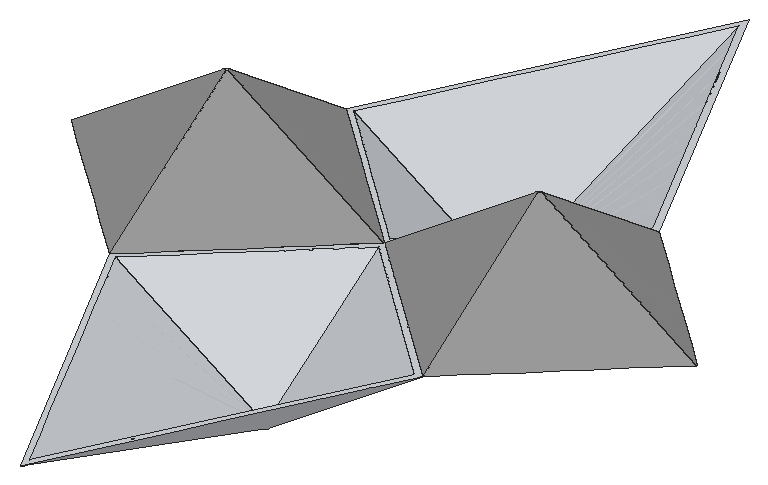
Revit family "CLD-FCT-016_KITE_RTV", category Modelos genéricos, Revit 2022 (continued)
Definition of nested family "CLD-FCT-016_KITE_1_RTV"
  Forms (in)
    Extrusion 274, solid, not visible
      sketch origin (0, 0, 0) x (1, 0, 0) y (0, 0, 1)
        loop
          line (0.96881, 0.64538) -> (0.96881, -2.35462) -> (3.48948, -2.35462) -> (3.48948, -0.60462) -> (4.19814, -0.60462) -> (4.19814, -2.35462) -> (9.23948, -2.35462) -> (9.23948, -0.60462) -> (9.94814, -0.60462) -> (9.94814, -2.35462) -> (14.98948, -2.35462) -> (14.98948, -0.60462) -> (15.69814, -0.60462) -> (15.69814, -2.35462) -> (20.73948, -2.35462) -> (20.73948, -0.60462) -> (21.44814, -0.60462) -> (21.44814, -2.35462) -> (23.96881, -2.35462) -> (23.96881, 0.64538) -> (24.28131, 0.64538) -> (24.28131, 1.14538) -> (0.65631, 1.14538) -> (0.65631, 0.64538) -> (0.96881, 0.64538)
      from -21.44963 to -21.33152
    Extrusion 275, solid, not visible
      sketch origin (0, 0, 0) x (1, 0, 0) y (0, 0, 1)
        loop
          line (0.96881, 0.64538) -> (0.96881, -2.35462) -> (3.48948, -2.35462) -> (3.48948, -0.60462) -> (4.19814, -0.60462) -> (4.19814, -2.35462) -> (9.23948, -2.35462) -> (9.23948, -0.60462) -> (9.94814, -0.60462) -> (9.94814, -2.35462) -> (14.98948, -2.35462) -> (14.98948, -0.60462) -> (15.69814, -0.60462) -> (15.69814, -2.35462) -> (20.73948, -2.35462) -> (20.73948, -0.60462) -> (21.44814, -0.60462) -> (21.44814, -2.35462) -> (23.96881, -2.35462) -> (23.96881, 0.64538) -> (24.28131, 0.64538) -> (24.28131, 1.14538) -> (0.65631, 1.14538) -> (0.65631, 0.64538) -> (0.96881, 0.64538)
      from -20.85908 to -20.74097
    Extrusion 276, solid, not visible
      sketch origin (0, 0, 0) x (1, 0, 0) y (0, 0, 1)
        loop
          line (0.96881, 0.64538) -> (0.96881, -2.35462) -> (3.48948, -2.35462) -> (3.48948, -0.60462) -> (4.19814, -0.60462) -> (4.19814, -2.35462) -> (9.23948, -2.35462) -> (9.23948, -0.60462) -> (9.94814, -0.60462) -> (9.94814, -2.35462) -> (14.98948, -2.35462) -> (14.98948, -0.60462) -> (15.69814, -0.60462) -> (15.69814, -2.35462) -> (20.73948, -2.35462) -> (20.73948, -0.60462) -> (21.44814, -0.60462) -> (21.44814, -2.35462) -> (23.96881, -2.35462) -> (23.96881, 0.64538) -> (24.28131, 0.64538) -> (24.28131, 1.14538) -> (0.65631, 1.14538) -> (0.65631, 0.64538) -> (0.96881, 0.64538)
      from -21.33152 to -20.85908
    Extrusion 277, solid, not visible
      sketch origin (5.74851, 0.00149, -1.20924) x (0, 1, 0) y (0, 0, -1)
        loop
          line (0.96881, 1.14538) -> (0.96881, -1.85462) -> (0.65631, -1.85462) -> (0.65631, -2.35462) -> (0.96881, -2.35462) -> (3.48948, -2.35462) -> (3.48948, -0.60462) -> (4.19814, -0.60462) -> (4.19814, -2.35462) -> (9.23948, -2.35462) -> (9.23948, -0.60462) -> (9.94814, -0.60462) -> (9.94814, -2.35462) -> (14.98948, -2.35462) -> (14.98948, -0.60462) -> (15.69814, -0.60462) -> (15.69814, -2.35462) -> (20.73948, -2.35462) -> (20.73948, -0.60462) -> (21.44814, -0.60462) -> (21.44814, -2.35462) -> (24.28131, -2.35462) -> (24.28131, -1.85462) -> (23.96881, -1.85462) -> (23.96881, 1.14538) -> (0.96881, 1.14538)
      from -4.19963 to -4.08152
    Extrusion 278, solid, not visible
      sketch origin (5.15796, 0.00149, -1.20924) x (0, 1, 0) y (0, 0, -1)
        loop
          line (0.96881, 1.14538) -> (0.96881, -1.85462) -> (0.65631, -1.85462) -> (0.65631, -2.35462) -> (0.96881, -2.35462) -> (3.48948, -2.35462) -> (3.48948, -0.60462) -> (4.19814, -0.60462) -> (4.19814, -2.35462) -> (9.23948, -2.35462) -> (9.23948, -0.60462) -> (9.94814, -0.60462) -> (9.94814, -2.35462) -> (14.98948, -2.35462) -> (14.98948, -0.60462) -> (15.69814, -0.60462) -> (15.69814, -2.35462) -> (20.73948, -2.35462) -> (20.73948, -0.60462) -> (21.44814, -0.60462) -> (21.44814, -2.35462) -> (24.28131, -2.35462) -> (24.28131, -1.85462) -> (23.96881, -1.85462) -> (23.96881, 1.14538) -> (0.96881, 1.14538)
      from -4.19963 to -4.08152
    Extrusion 279, solid, not visible
      sketch origin (11.49851, 0.00149, -1.20924) x (0, 1, 0) y (0, 0, -1)
        loop
          line (0.96881, 1.14538) -> (0.96881, -1.85462) -> (0.65631, -1.85462) -> (0.65631, -2.35462) -> (0.96881, -2.35462) -> (3.48948, -2.35462) -> (3.48948, -0.60462) -> (4.19814, -0.60462) -> (4.19814, -2.35462) -> (9.23948, -2.35462) -> (9.23948, -0.60462) -> (9.94814, -0.60462) -> (9.94814, -2.35462) -> (14.98948, -2.35462) -> (14.98948, -0.60462) -> (15.69814, -0.60462) -> (15.69814, -2.35462) -> (20.73948, -2.35462) -> (20.73948, -0.60462) -> (21.44814, -0.60462) -> (21.44814, -2.35462) -> (24.28131, -2.35462) -> (24.28131, -1.85462) -> (23.96881, -1.85462) -> (23.96881, 1.14538) -> (0.96881, 1.14538)
      from -4.19963 to -4.08152
    Extrusion 280, solid, not visible
      sketch origin (10.90796, 0.00149, -1.20924) x (0, 1, 0) y (0, 0, -1)
        loop
          line (0.96881, 1.14538) -> (0.96881, -1.85462) -> (0.65631, -1.85462) -> (0.65631, -2.35462) -> (0.96881, -2.35462) -> (3.48948, -2.35462) -> (3.48948, -0.60462) -> (4.19814, -0.60462) -> (4.19814, -2.35462) -> (9.23948, -2.35462) -> (9.23948, -0.60462) -> (9.94814, -0.60462) -> (9.94814, -2.35462) -> (14.98948, -2.35462) -> (14.98948, -0.60462) -> (15.69814, -0.60462) -> (15.69814, -2.35462) -> (20.73948, -2.35462) -> (20.73948, -0.60462) -> (21.44814, -0.60462) -> (21.44814, -2.35462) -> (24.28131, -2.35462) -> (24.28131, -1.85462) -> (23.96881, -1.85462) -> (23.96881, 1.14538) -> (0.96881, 1.14538)
      from -4.19963 to -4.08152
    Extrusion 281, solid, not visible
      sketch origin (16.65796, 0.00149, -1.20924) x (0, 1, 0) y (0, 0, -1)
        loop
          line (0.96881, 1.14538) -> (0.96881, -1.85462) -> (0.65631, -1.85462) -> (0.65631, -2.35462) -> (0.96881, -2.35462) -> (3.48948, -2.35462) -> (3.48948, -0.60462) -> (4.19814, -0.60462) -> (4.19814, -2.35462) -> (9.23948, -2.35462) -> (9.23948, -0.60462) -> (9.94814, -0.60462) -> (9.94814, -2.35462) -> (14.98948, -2.35462) -> (14.98948, -0.60462) -> (15.69814, -0.60462) -> (15.69814, -2.35462) -> (20.73948, -2.35462) -> (20.73948, -0.60462) -> (21.44814, -0.60462) -> (21.44814, -2.35462) -> (24.28131, -2.35462) -> (24.28131, -1.85462) -> (23.96881, -1.85462) -> (23.96881, 1.14538) -> (0.96881, 1.14538)
      from -4.19963 to -4.08152
    Extrusion 282, solid, not visible
      sketch origin (17.24851, 0.00149, -1.20924) x (0, 1, 0) y (0, 0, -1)
        loop
          line (0.96881, 1.14538) -> (0.96881, -1.85462) -> (0.65631, -1.85462) -> (0.65631, -2.35462) -> (0.96881, -2.35462) -> (3.48948, -2.35462) -> (3.48948, -0.60462) -> (4.19814, -0.60462) -> (4.19814, -2.35462) -> (9.23948, -2.35462) -> (9.23948, -0.60462) -> (9.94814, -0.60462) -> (9.94814, -2.35462) -> (14.98948, -2.35462) -> (14.98948, -0.60462) -> (15.69814, -0.60462) -> (15.69814, -2.35462) -> (20.73948, -2.35462) -> (20.73948, -0.60462) -> (21.44814, -0.60462) -> (21.44814, -2.35462) -> (24.28131, -2.35462) -> (24.28131, -1.85462) -> (23.96881, -1.85462) -> (23.96881, 1.14538) -> (0.96881, 1.14538)
      from -4.19963 to -4.08152
    Extrusion 283, solid, not visible
      sketch origin (5.86662, 0.00149, -1.20924) x (0, 1, 0) y (0, 0, -1)
        loop
          line (0.96881, 1.14538) -> (0.96881, -1.85462) -> (0.65631, -1.85462) -> (0.65631, -2.35462) -> (0.96881, -2.35462) -> (3.48948, -2.35462) -> (3.48948, -0.60462) -> (4.19814, -0.60462) -> (4.19814, -2.35462) -> (9.23948, -2.35462) -> (9.23948, -0.60462) -> (9.94814, -0.60462) -> (9.94814, -2.35462) -> (14.98948, -2.35462) -> (14.98948, -0.60462) -> (15.69814, -0.60462) -> (15.69814, -2.35462) -> (20.73948, -2.35462) -> (20.73948, -0.60462) -> (21.44814, -0.60462) -> (21.44814, -2.35462) -> (24.28131, -2.35462) -> (24.28131, -1.85462) -> (23.96881, -1.85462) -> (23.96881, 1.14538) -> (0.96881, 1.14538)
      from -3.96341 to -3.49097
    Extrusion 284, solid, not visible
      sketch origin (11.61662, 0.00149, -1.20924) x (0, 1, 0) y (0, 0, -1)
        loop
          line (0.96881, 1.14538) -> (0.96881, -1.85462) -> (0.65631, -1.85462) -> (0.65631, -2.35462) -> (0.96881, -2.35462) -> (3.48948, -2.35462) -> (3.48948, -0.60462) -> (4.19814, -0.60462) -> (4.19814, -2.35462) -> (9.23948, -2.35462) -> (9.23948, -0.60462) -> (9.94814, -0.60462) -> (9.94814, -2.35462) -> (14.98948, -2.35462) -> (14.98948, -0.60462) -> (15.69814, -0.60462) -> (15.69814, -2.35462) -> (20.73948, -2.35462) -> (20.73948, -0.60462) -> (21.44814, -0.60462) -> (21.44814, -2.35462) -> (24.28131, -2.35462) -> (24.28131, -1.85462) -> (23.96881, -1.85462) -> (23.96881, 1.14538) -> (0.96881, 1.14538)
      from -3.96341 to -3.49097
    Extrusion 285, solid, not visible
      sketch origin (17.36662, 0.00149, -1.20924) x (0, 1, 0) y (0, 0, -1)
        loop
          line (0.96881, 1.14538) -> (0.96881, -1.85462) -> (0.65631, -1.85462) -> (0.65631, -2.35462) -> (0.96881, -2.35462) -> (3.48948, -2.35462) -> (3.48948, -0.60462) -> (4.19814, -0.60462) -> (4.19814, -2.35462) -> (9.23948, -2.35462) -> (9.23948, -0.60462) -> (9.94814, -0.60462) -> (9.94814, -2.35462) -> (14.98948, -2.35462) -> (14.98948, -0.60462) -> (15.69814, -0.60462) -> (15.69814, -2.35462) -> (20.73948, -2.35462) -> (20.73948, -0.60462) -> (21.44814, -0.60462) -> (21.44814, -2.35462) -> (24.28131, -2.35462) -> (24.28131, -1.85462) -> (23.96881, -1.85462) -> (23.96881, 1.14538) -> (0.96881, 1.14538)
      from -3.96341 to -3.49097
    Extrusion 286, solid, not visible
      sketch origin (-44, 0, 0) x (1, 0, 0) y (0, 0, 1)
        loop
          line (0.96881, 0.64538) -> (0.96881, -2.35462) -> (3.48948, -2.35462) -> (3.48948, -0.60462) -> (4.19814, -0.60462) -> (4.19814, -2.35462) -> (9.23948, -2.35462) -> (9.23948, -0.60462) -> (9.94814, -0.60462) -> (9.94814, -2.35462) -> (14.98948, -2.35462) -> (14.98948, -0.60462) -> (15.69814, -0.60462) -> (15.69814, -2.35462) -> (20.73948, -2.35462) -> (20.73948, -0.60462) -> (21.44814, -0.60462) -> (21.44814, -2.35462) -> (23.96881, -2.35462) -> (23.96881, 0.64538) -> (24.28131, 0.64538) -> (24.28131, 1.14538) -> (0.65631, 1.14538) -> (0.65631, 0.64538) -> (0.96881, 0.64538)
      from -3.60908 to -3.49097
    Extrusion 287, solid, not visible
      sketch origin (-44, 0, 0) x (1, 0, 0) y (0, 0, 1)
        loop
          line (0.96881, 0.64538) -> (0.96881, -2.35462) -> (3.48948, -2.35462) -> (3.48948, -0.60462) -> (4.19814, -0.60462) -> (4.19814, -2.35462) -> (9.23948, -2.35462) -> (9.23948, -0.60462) -> (9.94814, -0.60462) -> (9.94814, -2.35462) -> (14.98948, -2.35462) -> (14.98948, -0.60462) -> (15.69814, -0.60462) -> (15.69814, -2.35462) -> (20.73948, -2.35462) -> (20.73948, -0.60462) -> (21.44814, -0.60462) -> (21.44814, -2.35462) -> (23.96881, -2.35462) -> (23.96881, 0.64538) -> (24.28131, 0.64538) -> (24.28131, 1.14538) -> (0.65631, 1.14538) -> (0.65631, 0.64538) -> (0.96881, 0.64538)
      from -4.08152 to -3.60908
    Extrusion 288, solid, not visible
      sketch origin (-44, 0, 0) x (1, 0, 0) y (0, 0, 1)
        loop
          line (0.96881, 0.64538) -> (0.96881, -2.35462) -> (3.48948, -2.35462) -> (3.48948, -0.60462) -> (4.19814, -0.60462) -> (4.19814, -2.35462) -> (9.23948, -2.35462) -> (9.23948, -0.60462) -> (9.94814, -0.60462) -> (9.94814, -2.35462) -> (14.98948, -2.35462) -> (14.98948, -0.60462) -> (15.69814, -0.60462) -> (15.69814, -2.35462) -> (20.73948, -2.35462) -> (20.73948, -0.60462) -> (21.44814, -0.60462) -> (21.44814, -2.35462) -> (23.96881, -2.35462) -> (23.96881, 0.64538) -> (24.28131, 0.64538) -> (24.28131, 1.14538) -> (0.65631, 1.14538) -> (0.65631, 0.64538) -> (0.96881, 0.64538)
      from -4.19963 to -4.08152
    Extrusion 289, solid, not visible
      sketch origin (-44, 0, 0) x (1, 0, 0) y (0, 0, 1)
        loop
          line (0.96881, 0.64538) -> (0.96881, -2.35462) -> (3.48948, -2.35462) -> (3.48948, -0.60462) -> (4.19814, -0.60462) -> (4.19814, -2.35462) -> (9.23948, -2.35462) -> (9.23948, -0.60462) -> (9.94814, -0.60462) -> (9.94814, -2.35462) -> (14.98948, -2.35462) -> (14.98948, -0.60462) -> (15.69814, -0.60462) -> (15.69814, -2.35462) -> (20.73948, -2.35462) -> (20.73948, -0.60462) -> (21.44814, -0.60462) -> (21.44814, -2.35462) -> (23.96881, -2.35462) -> (23.96881, 0.64538) -> (24.28131, 0.64538) -> (24.28131, 1.14538) -> (0.65631, 1.14538) -> (0.65631, 0.64538) -> (0.96881, 0.64538)
      from -9.94963 to -9.83152
    Extrusion 290, solid, not visible
      sketch origin (-44, 0, 0) x (1, 0, 0) y (0, 0, 1)
        loop
          line (0.96881, 0.64538) -> (0.96881, -2.35462) -> (3.48948, -2.35462) -> (3.48948, -0.60462) -> (4.19814, -0.60462) -> (4.19814, -2.35462) -> (9.23948, -2.35462) -> (9.23948, -0.60462) -> (9.94814, -0.60462) -> (9.94814, -2.35462) -> (14.98948, -2.35462) -> (14.98948, -0.60462) -> (15.69814, -0.60462) -> (15.69814, -2.35462) -> (20.73948, -2.35462) -> (20.73948, -0.60462) -> (21.44814, -0.60462) -> (21.44814, -2.35462) -> (23.96881, -2.35462) -> (23.96881, 0.64538) -> (24.28131, 0.64538) -> (24.28131, 1.14538) -> (0.65631, 1.14538) -> (0.65631, 0.64538) -> (0.96881, 0.64538)
      from -9.35908 to -9.24097
    Extrusion 291, solid, not visible
      sketch origin (-44, 0, 0) x (1, 0, 0) y (0, 0, 1)
        loop
          line (0.96881, 0.64538) -> (0.96881, -2.35462) -> (3.48948, -2.35462) -> (3.48948, -0.60462) -> (4.19814, -0.60462) -> (4.19814, -2.35462) -> (9.23948, -2.35462) -> (9.23948, -0.60462) -> (9.94814, -0.60462) -> (9.94814, -2.35462) -> (14.98948, -2.35462) -> (14.98948, -0.60462) -> (15.69814, -0.60462) -> (15.69814, -2.35462) -> (20.73948, -2.35462) -> (20.73948, -0.60462) -> (21.44814, -0.60462) -> (21.44814, -2.35462) -> (23.96881, -2.35462) -> (23.96881, 0.64538) -> (24.28131, 0.64538) -> (24.28131, 1.14538) -> (0.65631, 1.14538) -> (0.65631, 0.64538) -> (0.96881, 0.64538)
      from -9.83152 to -9.35908
    Extrusion 292, solid, not visible
      sketch origin (-44, 0, 0) x (1, 0, 0) y (0, 0, 1)
        loop
          line (0.96881, 0.64538) -> (0.96881, -2.35462) -> (3.48948, -2.35462) -> (3.48948, -0.60462) -> (4.19814, -0.60462) -> (4.19814, -2.35462) -> (9.23948, -2.35462) -> (9.23948, -0.60462) -> (9.94814, -0.60462) -> (9.94814, -2.35462) -> (14.98948, -2.35462) -> (14.98948, -0.60462) -> (15.69814, -0.60462) -> (15.69814, -2.35462) -> (20.73948, -2.35462) -> (20.73948, -0.60462) -> (21.44814, -0.60462) -> (21.44814, -2.35462) -> (23.96881, -2.35462) -> (23.96881, 0.64538) -> (24.28131, 0.64538) -> (24.28131, 1.14538) -> (0.65631, 1.14538) -> (0.65631, 0.64538) -> (0.96881, 0.64538)
      from -15.69963 to -15.58152
    Extrusion 293, solid, not visible
      sketch origin (-44, 0, 0) x (1, 0, 0) y (0, 0, 1)
        loop
          line (0.96881, 0.64538) -> (0.96881, -2.35462) -> (3.48948, -2.35462) -> (3.48948, -0.60462) -> (4.19814, -0.60462) -> (4.19814, -2.35462) -> (9.23948, -2.35462) -> (9.23948, -0.60462) -> (9.94814, -0.60462) -> (9.94814, -2.35462) -> (14.98948, -2.35462) -> (14.98948, -0.60462) -> (15.69814, -0.60462) -> (15.69814, -2.35462) -> (20.73948, -2.35462) -> (20.73948, -0.60462) -> (21.44814, -0.60462) -> (21.44814, -2.35462) -> (23.96881, -2.35462) -> (23.96881, 0.64538) -> (24.28131, 0.64538) -> (24.28131, 1.14538) -> (0.65631, 1.14538) -> (0.65631, 0.64538) -> (0.96881, 0.64538)
      from -15.10908 to -14.99097
    Extrusion 294, solid, not visible
      sketch origin (-44, 0, 0) x (1, 0, 0) y (0, 0, 1)
        loop
          line (0.96881, 0.64538) -> (0.96881, -2.35462) -> (3.48948, -2.35462) -> (3.48948, -0.60462) -> (4.19814, -0.60462) -> (4.19814, -2.35462) -> (9.23948, -2.35462) -> (9.23948, -0.60462) -> (9.94814, -0.60462) -> (9.94814, -2.35462) -> (14.98948, -2.35462) -> (14.98948, -0.60462) -> (15.69814, -0.60462) -> (15.69814, -2.35462) -> (20.73948, -2.35462) -> (20.73948, -0.60462) -> (21.44814, -0.60462) -> (21.44814, -2.35462) -> (23.96881, -2.35462) -> (23.96881, 0.64538) -> (24.28131, 0.64538) -> (24.28131, 1.14538) -> (0.65631, 1.14538) -> (0.65631, 0.64538) -> (0.96881, 0.64538)
      from -15.58152 to -15.10908
    Extrusion 295, solid, not visible
      sketch origin (-44, 0, 0) x (1, 0, 0) y (0, 0, 1)
        loop
          line (0.96881, 0.64538) -> (0.96881, -2.35462) -> (3.48948, -2.35462) -> (3.48948, -0.60462) -> (4.19814, -0.60462) -> (4.19814, -2.35462) -> (9.23948, -2.35462) -> (9.23948, -0.60462) -> (9.94814, -0.60462) -> (9.94814, -2.35462) -> (14.98948, -2.35462) -> (14.98948, -0.60462) -> (15.69814, -0.60462) -> (15.69814, -2.35462) -> (20.73948, -2.35462) -> (20.73948, -0.60462) -> (21.44814, -0.60462) -> (21.44814, -2.35462) -> (23.96881, -2.35462) -> (23.96881, 0.64538) -> (24.28131, 0.64538) -> (24.28131, 1.14538) -> (0.65631, 1.14538) -> (0.65631, 0.64538) -> (0.96881, 0.64538)
      from -21.44963 to -21.33152
    Extrusion 296, solid, not visible
      sketch origin (-44, 0, 0) x (1, 0, 0) y (0, 0, 1)
        loop
          line (0.96881, 0.64538) -> (0.96881, -2.35462) -> (3.48948, -2.35462) -> (3.48948, -0.60462) -> (4.19814, -0.60462) -> (4.19814, -2.35462) -> (9.23948, -2.35462) -> (9.23948, -0.60462) -> (9.94814, -0.60462) -> (9.94814, -2.35462) -> (14.98948, -2.35462) -> (14.98948, -0.60462) -> (15.69814, -0.60462) -> (15.69814, -2.35462) -> (20.73948, -2.35462) -> (20.73948, -0.60462) -> (21.44814, -0.60462) -> (21.44814, -2.35462) -> (23.96881, -2.35462) -> (23.96881, 0.64538) -> (24.28131, 0.64538) -> (24.28131, 1.14538) -> (0.65631, 1.14538) -> (0.65631, 0.64538) -> (0.96881, 0.64538)
      from -20.85908 to -20.74097
    Extrusion 297, solid, not visible
      sketch origin (-44, 0, 0) x (1, 0, 0) y (0, 0, 1)
        loop
          line (0.96881, 0.64538) -> (0.96881, -2.35462) -> (3.48948, -2.35462) -> (3.48948, -0.60462) -> (4.19814, -0.60462) -> (4.19814, -2.35462) -> (9.23948, -2.35462) -> (9.23948, -0.60462) -> (9.94814, -0.60462) -> (9.94814, -2.35462) -> (14.98948, -2.35462) -> (14.98948, -0.60462) -> (15.69814, -0.60462) -> (15.69814, -2.35462) -> (20.73948, -2.35462) -> (20.73948, -0.60462) -> (21.44814, -0.60462) -> (21.44814, -2.35462) -> (23.96881, -2.35462) -> (23.96881, 0.64538) -> (24.28131, 0.64538) -> (24.28131, 1.14538) -> (0.65631, 1.14538) -> (0.65631, 0.64538) -> (0.96881, 0.64538)
      from -21.33152 to -20.85908
    Extrusion 298, solid, not visible
      sketch origin (-44.00149, 0.00149, -1.20924) x (0, 1, 0) y (0, 0, -1)
        loop
          line (0.96881, 1.14538) -> (0.96881, -1.85462) -> (0.65631, -1.85462) -> (0.65631, -2.35462) -> (0.96881, -2.35462) -> (3.48948, -2.35462) -> (3.48948, -0.60462) -> (4.19814, -0.60462) -> (4.19814, -2.35462) -> (9.23948, -2.35462) -> (9.23948, -0.60462) -> (9.94814, -0.60462) -> (9.94814, -2.35462) -> (14.98948, -2.35462) -> (14.98948, -0.60462) -> (15.69814, -0.60462) -> (15.69814, -2.35462) -> (20.73948, -2.35462) -> (20.73948, -0.60462) -> (21.44814, -0.60462) -> (21.44814, -2.35462) -> (24.28131, -2.35462) -> (24.28131, -1.85462) -> (23.96881, -1.85462) -> (23.96881, 1.14538) -> (0.96881, 1.14538)
      from -3.60908 to -3.49097
    Extrusion 299, solid, not visible
      sketch origin (-43.88338, 0.00149, -1.20924) x (0, 1, 0) y (0, 0, -1)
        loop
          line (0.96881, 1.14538) -> (0.96881, -1.85462) -> (0.65631, -1.85462) -> (0.65631, -2.35462) -> (0.96881, -2.35462) -> (3.48948, -2.35462) -> (3.48948, -0.60462) -> (4.19814, -0.60462) -> (4.19814, -2.35462) -> (9.23948, -2.35462) -> (9.23948, -0.60462) -> (9.94814, -0.60462) -> (9.94814, -2.35462) -> (14.98948, -2.35462) -> (14.98948, -0.60462) -> (15.69814, -0.60462) -> (15.69814, -2.35462) -> (20.73948, -2.35462) -> (20.73948, -0.60462) -> (21.44814, -0.60462) -> (21.44814, -2.35462) -> (24.28131, -2.35462) -> (24.28131, -1.85462) -> (23.96881, -1.85462) -> (23.96881, 1.14538) -> (0.96881, 1.14538)
      from -3.96341 to -3.49097
    Extrusion 300, solid, not visible
      sketch origin (-44.00149, 0.00149, -1.20924) x (0, 1, 0) y (0, 0, -1)
        loop
          line (0.96881, 1.14538) -> (0.96881, -1.85462) -> (0.65631, -1.85462) -> (0.65631, -2.35462) -> (0.96881, -2.35462) -> (3.48948, -2.35462) -> (3.48948, -0.60462) -> (4.19814, -0.60462) -> (4.19814, -2.35462) -> (9.23948, -2.35462) -> (9.23948, -0.60462) -> (9.94814, -0.60462) -> (9.94814, -2.35462) -> (14.98948, -2.35462) -> (14.98948, -0.60462) -> (15.69814, -0.60462) -> (15.69814, -2.35462) -> (20.73948, -2.35462) -> (20.73948, -0.60462) -> (21.44814, -0.60462) -> (21.44814, -2.35462) -> (24.28131, -2.35462) -> (24.28131, -1.85462) -> (23.96881, -1.85462) -> (23.96881, 1.14538) -> (0.96881, 1.14538)
      from -4.19963 to -4.08152
    Extrusion 301, solid, not visible
      sketch origin (-38.25149, 0.00149, -1.20924) x (0, 1, 0) y (0, 0, -1)
        loop
          line (0.96881, 1.14538) -> (0.96881, -1.85462) -> (0.65631, -1.85462) -> (0.65631, -2.35462) -> (0.96881, -2.35462) -> (3.48948, -2.35462) -> (3.48948, -0.60462) -> (4.19814, -0.60462) -> (4.19814, -2.35462) -> (9.23948, -2.35462) -> (9.23948, -0.60462) -> (9.94814, -0.60462) -> (9.94814, -2.35462) -> (14.98948, -2.35462) -> (14.98948, -0.60462) -> (15.69814, -0.60462) -> (15.69814, -2.35462) -> (20.73948, -2.35462) -> (20.73948, -0.60462) -> (21.44814, -0.60462) -> (21.44814, -2.35462) -> (24.28131, -2.35462) -> (24.28131, -1.85462) -> (23.96881, -1.85462) -> (23.96881, 1.14538) -> (0.96881, 1.14538)
      from -4.19963 to -4.08152
    Extrusion 302, solid, not visible
      sketch origin (-38.84204, 0.00149, -1.20924) x (0, 1, 0) y (0, 0, -1)
        loop
          line (0.96881, 1.14538) -> (0.96881, -1.85462) -> (0.65631, -1.85462) -> (0.65631, -2.35462) -> (0.96881, -2.35462) -> (3.48948, -2.35462) -> (3.48948, -0.60462) -> (4.19814, -0.60462) -> (4.19814, -2.35462) -> (9.23948, -2.35462) -> (9.23948, -0.60462) -> (9.94814, -0.60462) -> (9.94814, -2.35462) -> (14.98948, -2.35462) -> (14.98948, -0.60462) -> (15.69814, -0.60462) -> (15.69814, -2.35462) -> (20.73948, -2.35462) -> (20.73948, -0.60462) -> (21.44814, -0.60462) -> (21.44814, -2.35462) -> (24.28131, -2.35462) -> (24.28131, -1.85462) -> (23.96881, -1.85462) -> (23.96881, 1.14538) -> (0.96881, 1.14538)
      from -4.19963 to -4.08152
    Extrusion 303, solid, not visible
      sketch origin (-32.50149, 0.00149, -1.20924) x (0, 1, 0) y (0, 0, -1)
        loop
          line (0.96881, 1.14538) -> (0.96881, -1.85462) -> (0.65631, -1.85462) -> (0.65631, -2.35462) -> (0.96881, -2.35462) -> (3.48948, -2.35462) -> (3.48948, -0.60462) -> (4.19814, -0.60462) -> (4.19814, -2.35462) -> (9.23948, -2.35462) -> (9.23948, -0.60462) -> (9.94814, -0.60462) -> (9.94814, -2.35462) -> (14.98948, -2.35462) -> (14.98948, -0.60462) -> (15.69814, -0.60462) -> (15.69814, -2.35462) -> (20.73948, -2.35462) -> (20.73948, -0.60462) -> (21.44814, -0.60462) -> (21.44814, -2.35462) -> (24.28131, -2.35462) -> (24.28131, -1.85462) -> (23.96881, -1.85462) -> (23.96881, 1.14538) -> (0.96881, 1.14538)
      from -4.19963 to -4.08152
    Extrusion 304, solid, not visible
      sketch origin (-33.09204, 0.00149, -1.20924) x (0, 1, 0) y (0, 0, -1)
        loop
          line (0.96881, 1.14538) -> (0.96881, -1.85462) -> (0.65631, -1.85462) -> (0.65631, -2.35462) -> (0.96881, -2.35462) -> (3.48948, -2.35462) -> (3.48948, -0.60462) -> (4.19814, -0.60462) -> (4.19814, -2.35462) -> (9.23948, -2.35462) -> (9.23948, -0.60462) -> (9.94814, -0.60462) -> (9.94814, -2.35462) -> (14.98948, -2.35462) -> (14.98948, -0.60462) -> (15.69814, -0.60462) -> (15.69814, -2.35462) -> (20.73948, -2.35462) -> (20.73948, -0.60462) -> (21.44814, -0.60462) -> (21.44814, -2.35462) -> (24.28131, -2.35462) -> (24.28131, -1.85462) -> (23.96881, -1.85462) -> (23.96881, 1.14538) -> (0.96881, 1.14538)
      from -4.19963 to -4.08152
    Extrusion 305, solid, not visible
      sketch origin (-27.34204, 0.00149, -1.20924) x (0, 1, 0) y (0, 0, -1)
        loop
          line (0.96881, 1.14538) -> (0.96881, -1.85462) -> (0.65631, -1.85462) -> (0.65631, -2.35462) -> (0.96881, -2.35462) -> (3.48948, -2.35462) -> (3.48948, -0.60462) -> (4.19814, -0.60462) -> (4.19814, -2.35462) -> (9.23948, -2.35462) -> (9.23948, -0.60462) -> (9.94814, -0.60462) -> (9.94814, -2.35462) -> (14.98948, -2.35462) -> (14.98948, -0.60462) -> (15.69814, -0.60462) -> (15.69814, -2.35462) -> (20.73948, -2.35462) -> (20.73948, -0.60462) -> (21.44814, -0.60462) -> (21.44814, -2.35462) -> (24.28131, -2.35462) -> (24.28131, -1.85462) -> (23.96881, -1.85462) -> (23.96881, 1.14538) -> (0.96881, 1.14538)
      from -4.19963 to -4.08152
    Extrusion 306, solid, not visible
      sketch origin (-26.75149, 0.00149, -1.20924) x (0, 1, 0) y (0, 0, -1)
        loop
          line (0.96881, 1.14538) -> (0.96881, -1.85462) -> (0.65631, -1.85462) -> (0.65631, -2.35462) -> (0.96881, -2.35462) -> (3.48948, -2.35462) -> (3.48948, -0.60462) -> (4.19814, -0.60462) -> (4.19814, -2.35462) -> (9.23948, -2.35462) -> (9.23948, -0.60462) -> (9.94814, -0.60462) -> (9.94814, -2.35462) -> (14.98948, -2.35462) -> (14.98948, -0.60462) -> (15.69814, -0.60462) -> (15.69814, -2.35462) -> (20.73948, -2.35462) -> (20.73948, -0.60462) -> (21.44814, -0.60462) -> (21.44814, -2.35462) -> (24.28131, -2.35462) -> (24.28131, -1.85462) -> (23.96881, -1.85462) -> (23.96881, 1.14538) -> (0.96881, 1.14538)
      from -4.19963 to -4.08152
    Extrusion 307, solid, not visible
      sketch origin (-38.13338, 0.00149, -1.20924) x (0, 1, 0) y (0, 0, -1)
        loop
          line (0.96881, 1.14538) -> (0.96881, -1.85462) -> (0.65631, -1.85462) -> (0.65631, -2.35462) -> (0.96881, -2.35462) -> (3.48948, -2.35462) -> (3.48948, -0.60462) -> (4.19814, -0.60462) -> (4.19814, -2.35462) -> (9.23948, -2.35462) -> (9.23948, -0.60462) -> (9.94814, -0.60462) -> (9.94814, -2.35462) -> (14.98948, -2.35462) -> (14.98948, -0.60462) -> (15.69814, -0.60462) -> (15.69814, -2.35462) -> (20.73948, -2.35462) -> (20.73948, -0.60462) -> (21.44814, -0.60462) -> (21.44814, -2.35462) -> (24.28131, -2.35462) -> (24.28131, -1.85462) -> (23.96881, -1.85462) -> (23.96881, 1.14538) -> (0.96881, 1.14538)
      from -3.96341 to -3.49097
    Extrusion 308, solid, not visible
      sketch origin (-32.38338, 0.00149, -1.20924) x (0, 1, 0) y (0, 0, -1)
        loop
          line (0.96881, 1.14538) -> (0.96881, -1.85462) -> (0.65631, -1.85462) -> (0.65631, -2.35462) -> (0.96881, -2.35462) -> (3.48948, -2.35462) -> (3.48948, -0.60462) -> (4.19814, -0.60462) -> (4.19814, -2.35462) -> (9.23948, -2.35462) -> (9.23948, -0.60462) -> (9.94814, -0.60462) -> (9.94814, -2.35462) -> (14.98948, -2.35462) -> (14.98948, -0.60462) -> (15.69814, -0.60462) -> (15.69814, -2.35462) -> (20.73948, -2.35462) -> (20.73948, -0.60462) -> (21.44814, -0.60462) -> (21.44814, -2.35462) -> (24.28131, -2.35462) -> (24.28131, -1.85462) -> (23.96881, -1.85462) -> (23.96881, 1.14538) -> (0.96881, 1.14538)
      from -3.96341 to -3.49097
    Extrusion 309, solid, not visible
      sketch origin (-26.63338, 0.00149, -1.20924) x (0, 1, 0) y (0, 0, -1)
        loop
          line (0.96881, 1.14538) -> (0.96881, -1.85462) -> (0.65631, -1.85462) -> (0.65631, -2.35462) -> (0.96881, -2.35462) -> (3.48948, -2.35462) -> (3.48948, -0.60462) -> (4.19814, -0.60462) -> (4.19814, -2.35462) -> (9.23948, -2.35462) -> (9.23948, -0.60462) -> (9.94814, -0.60462) -> (9.94814, -2.35462) -> (14.98948, -2.35462) -> (14.98948, -0.60462) -> (15.69814, -0.60462) -> (15.69814, -2.35462) -> (20.73948, -2.35462) -> (20.73948, -0.60462) -> (21.44814, -0.60462) -> (21.44814, -2.35462) -> (24.28131, -2.35462) -> (24.28131, -1.85462) -> (23.96881, -1.85462) -> (23.96881, 1.14538) -> (0.96881, 1.14538)
      from -3.96341 to -3.49097
    Extrusion 310, solid, not visible
      sketch origin (-44, 0, 0) x (1, 0, 0) y (0, 0, 1)
        loop
          line (0.96881, 0.64538) -> (0.96881, -2.35462) -> (3.48948, -2.35462) -> (3.48948, -0.60462) -> (4.19814, -0.60462) -> (4.19814, -2.35462) -> (9.23948, -2.35462) -> (9.23948, -0.60462) -> (9.94814, -0.60462) -> (9.94814, -2.35462) -> (14.98948, -2.35462) -> (14.98948, -0.60462) -> (15.69814, -0.60462) -> (15.69814, -2.35462) -> (20.73948, -2.35462) -> (20.73948, -0.60462) -> (21.44814, -0.60462) -> (21.44814, -2.35462) -> (23.96881, -2.35462) -> (23.96881, 0.64538) -> (24.28131, 0.64538) -> (24.28131, 1.14538) -> (0.65631, 1.14538) -> (0.65631, 0.64538) -> (0.96881, 0.64538)
      from -3.60908 to -3.49097
    Extrusion 311, solid, not visible
      sketch origin (-44, 0, 0) x (1, 0, 0) y (0, 0, 1)
        loop
          line (0.96881, 0.64538) -> (0.96881, -2.35462) -> (3.48948, -2.35462) -> (3.48948, -0.60462) -> (4.19814, -0.60462) -> (4.19814, -2.35462) -> (9.23948, -2.35462) -> (9.23948, -0.60462) -> (9.94814, -0.60462) -> (9.94814, -2.35462) -> (14.98948, -2.35462) -> (14.98948, -0.60462) -> (15.69814, -0.60462) -> (15.69814, -2.35462) -> (20.73948, -2.35462) -> (20.73948, -0.60462) -> (21.44814, -0.60462) -> (21.44814, -2.35462) -> (23.96881, -2.35462) -> (23.96881, 0.64538) -> (24.28131, 0.64538) -> (24.28131, 1.14538) -> (0.65631, 1.14538) -> (0.65631, 0.64538) -> (0.96881, 0.64538)
      from -4.08152 to -3.60908
    Extrusion 312, solid, not visible
      sketch origin (-44, 0, 0) x (1, 0, 0) y (0, 0, 1)
        loop
          line (0.96881, 0.64538) -> (0.96881, -2.35462) -> (3.48948, -2.35462) -> (3.48948, -0.60462) -> (4.19814, -0.60462) -> (4.19814, -2.35462) -> (9.23948, -2.35462) -> (9.23948, -0.60462) -> (9.94814, -0.60462) -> (9.94814, -2.35462) -> (14.98948, -2.35462) -> (14.98948, -0.60462) -> (15.69814, -0.60462) -> (15.69814, -2.35462) -> (20.73948, -2.35462) -> (20.73948, -0.60462) -> (21.44814, -0.60462) -> (21.44814, -2.35462) -> (23.96881, -2.35462) -> (23.96881, 0.64538) -> (24.28131, 0.64538) -> (24.28131, 1.14538) -> (0.65631, 1.14538) -> (0.65631, 0.64538) -> (0.96881, 0.64538)
      from -4.19963 to -4.08152
    Extrusion 313, solid, not visible
      sketch origin (-44.00149, 0.00149, -1.20924) x (0, 1, 0) y (0, 0, -1)
        loop
          line (0.96881, 1.14538) -> (0.96881, -1.85462) -> (0.65631, -1.85462) -> (0.65631, -2.35462) -> (0.96881, -2.35462) -> (3.48948, -2.35462) -> (3.48948, -0.60462) -> (4.19814, -0.60462) -> (4.19814, -2.35462) -> (9.23948, -2.35462) -> (9.23948, -0.60462) -> (9.94814, -0.60462) -> (9.94814, -2.35462) -> (14.98948, -2.35462) -> (14.98948, -0.60462) -> (15.69814, -0.60462) -> (15.69814, -2.35462) -> (20.73948, -2.35462) -> (20.73948, -0.60462) -> (21.44814, -0.60462) -> (21.44814, -2.35462) -> (24.28131, -2.35462) -> (24.28131, -1.85462) -> (23.96881, -1.85462) -> (23.96881, 1.14538) -> (0.96881, 1.14538)
      from -3.60908 to -3.49097
    Extrusion 314, solid, not visible
      sketch origin (-43.88338, 0.00149, -1.20924) x (0, 1, 0) y (0, 0, -1)
        loop
          line (0.96881, 1.14538) -> (0.96881, -1.85462) -> (0.65631, -1.85462) -> (0.65631, -2.35462) -> (0.96881, -2.35462) -> (3.48948, -2.35462) -> (3.48948, -0.60462) -> (4.19814, -0.60462) -> (4.19814, -2.35462) -> (9.23948, -2.35462) -> (9.23948, -0.60462) -> (9.94814, -0.60462) -> (9.94814, -2.35462) -> (14.98948, -2.35462) -> (14.98948, -0.60462) -> (15.69814, -0.60462) -> (15.69814, -2.35462) -> (20.73948, -2.35462) -> (20.73948, -0.60462) -> (21.44814, -0.60462) -> (21.44814, -2.35462) -> (24.28131, -2.35462) -> (24.28131, -1.85462) -> (23.96881, -1.85462) -> (23.96881, 1.14538) -> (0.96881, 1.14538)
      from -3.96341 to -3.49097
    Extrusion 315, solid, not visible
      sketch origin (-44.00149, 0.00149, -1.20924) x (0, 1, 0) y (0, 0, -1)
        loop
          line (0.96881, 1.14538) -> (0.96881, -1.85462) -> (0.65631, -1.85462) -> (0.65631, -2.35462) -> (0.96881, -2.35462) -> (3.48948, -2.35462) -> (3.48948, -0.60462) -> (4.19814, -0.60462) -> (4.19814, -2.35462) -> (9.23948, -2.35462) -> (9.23948, -0.60462) -> (9.94814, -0.60462) -> (9.94814, -2.35462) -> (14.98948, -2.35462) -> (14.98948, -0.60462) -> (15.69814, -0.60462) -> (15.69814, -2.35462) -> (20.73948, -2.35462) -> (20.73948, -0.60462) -> (21.44814, -0.60462) -> (21.44814, -2.35462) -> (24.28131, -2.35462) -> (24.28131, -1.85462) -> (23.96881, -1.85462) -> (23.96881, 1.14538) -> (0.96881, 1.14538)
      from -4.19963 to -4.08152
    Extrusion 316, solid, not visible
      sketch origin (-44, 0, 0) x (1, 0, 0) y (0, 0, 1)
        loop
          line (0.96881, 0.64538) -> (0.96881, -2.35462) -> (3.48948, -2.35462) -> (3.48948, -0.60462) -> (4.19814, -0.60462) -> (4.19814, -2.35462) -> (9.23948, -2.35462) -> (9.23948, -0.60462) -> (9.94814, -0.60462) -> (9.94814, -2.35462) -> (14.98948, -2.35462) -> (14.98948, -0.60462) -> (15.69814, -0.60462) -> (15.69814, -2.35462) -> (20.73948, -2.35462) -> (20.73948, -0.60462) -> (21.44814, -0.60462) -> (21.44814, -2.35462) -> (23.96881, -2.35462) -> (23.96881, 0.64538) -> (24.28131, 0.64538) -> (24.28131, 1.14538) -> (0.65631, 1.14538) -> (0.65631, 0.64538) -> (0.96881, 0.64538)
      from -9.94963 to -9.83152
    Extrusion 317, solid, not visible
      sketch origin (-44, 0, 0) x (1, 0, 0) y (0, 0, 1)
        loop
          line (0.96881, 0.64538) -> (0.96881, -2.35462) -> (3.48948, -2.35462) -> (3.48948, -0.60462) -> (4.19814, -0.60462) -> (4.19814, -2.35462) -> (9.23948, -2.35462) -> (9.23948, -0.60462) -> (9.94814, -0.60462) -> (9.94814, -2.35462) -> (14.98948, -2.35462) -> (14.98948, -0.60462) -> (15.69814, -0.60462) -> (15.69814, -2.35462) -> (20.73948, -2.35462) -> (20.73948, -0.60462) -> (21.44814, -0.60462) -> (21.44814, -2.35462) -> (23.96881, -2.35462) -> (23.96881, 0.64538) -> (24.28131, 0.64538) -> (24.28131, 1.14538) -> (0.65631, 1.14538) -> (0.65631, 0.64538) -> (0.96881, 0.64538)
      from -9.35908 to -9.24097
    Extrusion 318, solid, not visible
      sketch origin (-44, 0, 0) x (1, 0, 0) y (0, 0, 1)
        loop
          line (0.96881, 0.64538) -> (0.96881, -2.35462) -> (3.48948, -2.35462) -> (3.48948, -0.60462) -> (4.19814, -0.60462) -> (4.19814, -2.35462) -> (9.23948, -2.35462) -> (9.23948, -0.60462) -> (9.94814, -0.60462) -> (9.94814, -2.35462) -> (14.98948, -2.35462) -> (14.98948, -0.60462) -> (15.69814, -0.60462) -> (15.69814, -2.35462) -> (20.73948, -2.35462) -> (20.73948, -0.60462) -> (21.44814, -0.60462) -> (21.44814, -2.35462) -> (23.96881, -2.35462) -> (23.96881, 0.64538) -> (24.28131, 0.64538) -> (24.28131, 1.14538) -> (0.65631, 1.14538) -> (0.65631, 0.64538) -> (0.96881, 0.64538)
      from -9.83152 to -9.35908
    Extrusion 319, solid, not visible
      sketch origin (-44, 0, 0) x (1, 0, 0) y (0, 0, 1)
        loop
          line (0.96881, 0.64538) -> (0.96881, -2.35462) -> (3.48948, -2.35462) -> (3.48948, -0.60462) -> (4.19814, -0.60462) -> (4.19814, -2.35462) -> (9.23948, -2.35462) -> (9.23948, -0.60462) -> (9.94814, -0.60462) -> (9.94814, -2.35462) -> (14.98948, -2.35462) -> (14.98948, -0.60462) -> (15.69814, -0.60462) -> (15.69814, -2.35462) -> (20.73948, -2.35462) -> (20.73948, -0.60462) -> (21.44814, -0.60462) -> (21.44814, -2.35462) -> (23.96881, -2.35462) -> (23.96881, 0.64538) -> (24.28131, 0.64538) -> (24.28131, 1.14538) -> (0.65631, 1.14538) -> (0.65631, 0.64538) -> (0.96881, 0.64538)
      from -15.69963 to -15.58152
    Extrusion 320, solid, not visible
      sketch origin (-44, 0, 0) x (1, 0, 0) y (0, 0, 1)
        loop
          line (0.96881, 0.64538) -> (0.96881, -2.35462) -> (3.48948, -2.35462) -> (3.48948, -0.60462) -> (4.19814, -0.60462) -> (4.19814, -2.35462) -> (9.23948, -2.35462) -> (9.23948, -0.60462) -> (9.94814, -0.60462) -> (9.94814, -2.35462) -> (14.98948, -2.35462) -> (14.98948, -0.60462) -> (15.69814, -0.60462) -> (15.69814, -2.35462) -> (20.73948, -2.35462) -> (20.73948, -0.60462) -> (21.44814, -0.60462) -> (21.44814, -2.35462) -> (23.96881, -2.35462) -> (23.96881, 0.64538) -> (24.28131, 0.64538) -> (24.28131, 1.14538) -> (0.65631, 1.14538) -> (0.65631, 0.64538) -> (0.96881, 0.64538)
      from -15.10908 to -14.99097
    Extrusion 321, solid, not visible
      sketch origin (-44, 0, 0) x (1, 0, 0) y (0, 0, 1)
        loop
          line (0.96881, 0.64538) -> (0.96881, -2.35462) -> (3.48948, -2.35462) -> (3.48948, -0.60462) -> (4.19814, -0.60462) -> (4.19814, -2.35462) -> (9.23948, -2.35462) -> (9.23948, -0.60462) -> (9.94814, -0.60462) -> (9.94814, -2.35462) -> (14.98948, -2.35462) -> (14.98948, -0.60462) -> (15.69814, -0.60462) -> (15.69814, -2.35462) -> (20.73948, -2.35462) -> (20.73948, -0.60462) -> (21.44814, -0.60462) -> (21.44814, -2.35462) -> (23.96881, -2.35462) -> (23.96881, 0.64538) -> (24.28131, 0.64538) -> (24.28131, 1.14538) -> (0.65631, 1.14538) -> (0.65631, 0.64538) -> (0.96881, 0.64538)
      from -15.58152 to -15.10908
    Extrusion 322, solid, not visible
      sketch origin (-44, 0, 0) x (1, 0, 0) y (0, 0, 1)
        loop
          line (0.96881, 0.64538) -> (0.96881, -2.35462) -> (3.48948, -2.35462) -> (3.48948, -0.60462) -> (4.19814, -0.60462) -> (4.19814, -2.35462) -> (9.23948, -2.35462) -> (9.23948, -0.60462) -> (9.94814, -0.60462) -> (9.94814, -2.35462) -> (14.98948, -2.35462) -> (14.98948, -0.60462) -> (15.69814, -0.60462) -> (15.69814, -2.35462) -> (20.73948, -2.35462) -> (20.73948, -0.60462) -> (21.44814, -0.60462) -> (21.44814, -2.35462) -> (23.96881, -2.35462) -> (23.96881, 0.64538) -> (24.28131, 0.64538) -> (24.28131, 1.14538) -> (0.65631, 1.14538) -> (0.65631, 0.64538) -> (0.96881, 0.64538)
      from -21.44963 to -21.33152
    Extrusion 323, solid, not visible
      sketch origin (-44, 0, 0) x (1, 0, 0) y (0, 0, 1)
        loop
          line (0.96881, 0.64538) -> (0.96881, -2.35462) -> (3.48948, -2.35462) -> (3.48948, -0.60462) -> (4.19814, -0.60462) -> (4.19814, -2.35462) -> (9.23948, -2.35462) -> (9.23948, -0.60462) -> (9.94814, -0.60462) -> (9.94814, -2.35462) -> (14.98948, -2.35462) -> (14.98948, -0.60462) -> (15.69814, -0.60462) -> (15.69814, -2.35462) -> (20.73948, -2.35462) -> (20.73948, -0.60462) -> (21.44814, -0.60462) -> (21.44814, -2.35462) -> (23.96881, -2.35462) -> (23.96881, 0.64538) -> (24.28131, 0.64538) -> (24.28131, 1.14538) -> (0.65631, 1.14538) -> (0.65631, 0.64538) -> (0.96881, 0.64538)
      from -20.85908 to -20.74097
    Extrusion 324, solid, not visible
      sketch origin (-44, 0, 0) x (1, 0, 0) y (0, 0, 1)
        loop
          line (0.96881, 0.64538) -> (0.96881, -2.35462) -> (3.48948, -2.35462) -> (3.48948, -0.60462) -> (4.19814, -0.60462) -> (4.19814, -2.35462) -> (9.23948, -2.35462) -> (9.23948, -0.60462) -> (9.94814, -0.60462) -> (9.94814, -2.35462) -> (14.98948, -2.35462) -> (14.98948, -0.60462) -> (15.69814, -0.60462) -> (15.69814, -2.35462) -> (20.73948, -2.35462) -> (20.73948, -0.60462) -> (21.44814, -0.60462) -> (21.44814, -2.35462) -> (23.96881, -2.35462) -> (23.96881, 0.64538) -> (24.28131, 0.64538) -> (24.28131, 1.14538) -> (0.65631, 1.14538) -> (0.65631, 0.64538) -> (0.96881, 0.64538)
      from -21.33152 to -20.85908
    Extrusion 325, solid, not visible
      sketch origin (-38.25149, 0.00149, -1.20924) x (0, 1, 0) y (0, 0, -1)
        loop
          line (0.96881, 1.14538) -> (0.96881, -1.85462) -> (0.65631, -1.85462) -> (0.65631, -2.35462) -> (0.96881, -2.35462) -> (3.48948, -2.35462) -> (3.48948, -0.60462) -> (4.19814, -0.60462) -> (4.19814, -2.35462) -> (9.23948, -2.35462) -> (9.23948, -0.60462) -> (9.94814, -0.60462) -> (9.94814, -2.35462) -> (14.98948, -2.35462) -> (14.98948, -0.60462) -> (15.69814, -0.60462) -> (15.69814, -2.35462) -> (20.73948, -2.35462) -> (20.73948, -0.60462) -> (21.44814, -0.60462) -> (21.44814, -2.35462) -> (24.28131, -2.35462) -> (24.28131, -1.85462) -> (23.96881, -1.85462) -> (23.96881, 1.14538) -> (0.96881, 1.14538)
      from -4.19963 to -4.08152
    Extrusion 326, solid, not visible
      sketch origin (-38.84204, 0.00149, -1.20924) x (0, 1, 0) y (0, 0, -1)
        loop
          line (0.96881, 1.14538) -> (0.96881, -1.85462) -> (0.65631, -1.85462) -> (0.65631, -2.35462) -> (0.96881, -2.35462) -> (3.48948, -2.35462) -> (3.48948, -0.60462) -> (4.19814, -0.60462) -> (4.19814, -2.35462) -> (9.23948, -2.35462) -> (9.23948, -0.60462) -> (9.94814, -0.60462) -> (9.94814, -2.35462) -> (14.98948, -2.35462) -> (14.98948, -0.60462) -> (15.69814, -0.60462) -> (15.69814, -2.35462) -> (20.73948, -2.35462) -> (20.73948, -0.60462) -> (21.44814, -0.60462) -> (21.44814, -2.35462) -> (24.28131, -2.35462) -> (24.28131, -1.85462) -> (23.96881, -1.85462) -> (23.96881, 1.14538) -> (0.96881, 1.14538)
      from -4.19963 to -4.08152
    Extrusion 327, solid, not visible
      sketch origin (-32.50149, 0.00149, -1.20924) x (0, 1, 0) y (0, 0, -1)
        loop
          line (0.96881, 1.14538) -> (0.96881, -1.85462) -> (0.65631, -1.85462) -> (0.65631, -2.35462) -> (0.96881, -2.35462) -> (3.48948, -2.35462) -> (3.48948, -0.60462) -> (4.19814, -0.60462) -> (4.19814, -2.35462) -> (9.23948, -2.35462) -> (9.23948, -0.60462) -> (9.94814, -0.60462) -> (9.94814, -2.35462) -> (14.98948, -2.35462) -> (14.98948, -0.60462) -> (15.69814, -0.60462) -> (15.69814, -2.35462) -> (20.73948, -2.35462) -> (20.73948, -0.60462) -> (21.44814, -0.60462) -> (21.44814, -2.35462) -> (24.28131, -2.35462) -> (24.28131, -1.85462) -> (23.96881, -1.85462) -> (23.96881, 1.14538) -> (0.96881, 1.14538)
      from -4.19963 to -4.08152
    Extrusion 328, solid, not visible
      sketch origin (-33.09204, 0.00149, -1.20924) x (0, 1, 0) y (0, 0, -1)
        loop
          line (0.96881, 1.14538) -> (0.96881, -1.85462) -> (0.65631, -1.85462) -> (0.65631, -2.35462) -> (0.96881, -2.35462) -> (3.48948, -2.35462) -> (3.48948, -0.60462) -> (4.19814, -0.60462) -> (4.19814, -2.35462) -> (9.23948, -2.35462) -> (9.23948, -0.60462) -> (9.94814, -0.60462) -> (9.94814, -2.35462) -> (14.98948, -2.35462) -> (14.98948, -0.60462) -> (15.69814, -0.60462) -> (15.69814, -2.35462) -> (20.73948, -2.35462) -> (20.73948, -0.60462) -> (21.44814, -0.60462) -> (21.44814, -2.35462) -> (24.28131, -2.35462) -> (24.28131, -1.85462) -> (23.96881, -1.85462) -> (23.96881, 1.14538) -> (0.96881, 1.14538)
      from -4.19963 to -4.08152
    Extrusion 329, solid, not visible
      sketch origin (-27.34204, 0.00149, -1.20924) x (0, 1, 0) y (0, 0, -1)
        loop
          line (0.96881, 1.14538) -> (0.96881, -1.85462) -> (0.65631, -1.85462) -> (0.65631, -2.35462) -> (0.96881, -2.35462) -> (3.48948, -2.35462) -> (3.48948, -0.60462) -> (4.19814, -0.60462) -> (4.19814, -2.35462) -> (9.23948, -2.35462) -> (9.23948, -0.60462) -> (9.94814, -0.60462) -> (9.94814, -2.35462) -> (14.98948, -2.35462) -> (14.98948, -0.60462) -> (15.69814, -0.60462) -> (15.69814, -2.35462) -> (20.73948, -2.35462) -> (20.73948, -0.60462) -> (21.44814, -0.60462) -> (21.44814, -2.35462) -> (24.28131, -2.35462) -> (24.28131, -1.85462) -> (23.96881, -1.85462) -> (23.96881, 1.14538) -> (0.96881, 1.14538)
      from -4.19963 to -4.08152
    Extrusion 330, solid, not visible
      sketch origin (-26.75149, 0.00149, -1.20924) x (0, 1, 0) y (0, 0, -1)
        loop
          line (0.96881, 1.14538) -> (0.96881, -1.85462) -> (0.65631, -1.85462) -> (0.65631, -2.35462) -> (0.96881, -2.35462) -> (3.48948, -2.35462) -> (3.48948, -0.60462) -> (4.19814, -0.60462) -> (4.19814, -2.35462) -> (9.23948, -2.35462) -> (9.23948, -0.60462) -> (9.94814, -0.60462) -> (9.94814, -2.35462) -> (14.98948, -2.35462) -> (14.98948, -0.60462) -> (15.69814, -0.60462) -> (15.69814, -2.35462) -> (20.73948, -2.35462) -> (20.73948, -0.60462) -> (21.44814, -0.60462) -> (21.44814, -2.35462) -> (24.28131, -2.35462) -> (24.28131, -1.85462) -> (23.96881, -1.85462) -> (23.96881, 1.14538) -> (0.96881, 1.14538)
      from -4.19963 to -4.08152
    Extrusion 331, solid, not visible
      sketch origin (-38.13338, 0.00149, -1.20924) x (0, 1, 0) y (0, 0, -1)
        loop
          line (0.96881, 1.14538) -> (0.96881, -1.85462) -> (0.65631, -1.85462) -> (0.65631, -2.35462) -> (0.96881, -2.35462) -> (3.48948, -2.35462) -> (3.48948, -0.60462) -> (4.19814, -0.60462) -> (4.19814, -2.35462) -> (9.23948, -2.35462) -> (9.23948, -0.60462) -> (9.94814, -0.60462) -> (9.94814, -2.35462) -> (14.98948, -2.35462) -> (14.98948, -0.60462) -> (15.69814, -0.60462) -> (15.69814, -2.35462) -> (20.73948, -2.35462) -> (20.73948, -0.60462) -> (21.44814, -0.60462) -> (21.44814, -2.35462) -> (24.28131, -2.35462) -> (24.28131, -1.85462) -> (23.96881, -1.85462) -> (23.96881, 1.14538) -> (0.96881, 1.14538)
      from -3.96341 to -3.49097
    Extrusion 332, solid, not visible
      sketch origin (-32.38338, 0.00149, -1.20924) x (0, 1, 0) y (0, 0, -1)
        loop
          line (0.96881, 1.14538) -> (0.96881, -1.85462) -> (0.65631, -1.85462) -> (0.65631, -2.35462) -> (0.96881, -2.35462) -> (3.48948, -2.35462) -> (3.48948, -0.60462) -> (4.19814, -0.60462) -> (4.19814, -2.35462) -> (9.23948, -2.35462) -> (9.23948, -0.60462) -> (9.94814, -0.60462) -> (9.94814, -2.35462) -> (14.98948, -2.35462) -> (14.98948, -0.60462) -> (15.69814, -0.60462) -> (15.69814, -2.35462) -> (20.73948, -2.35462) -> (20.73948, -0.60462) -> (21.44814, -0.60462) -> (21.44814, -2.35462) -> (24.28131, -2.35462) -> (24.28131, -1.85462) -> (23.96881, -1.85462) -> (23.96881, 1.14538) -> (0.96881, 1.14538)
      from -3.96341 to -3.49097
    Extrusion 333, solid, not visible
      sketch origin (-26.63338, 0.00149, -1.20924) x (0, 1, 0) y (0, 0, -1)
        loop
          line (0.96881, 1.14538) -> (0.96881, -1.85462) -> (0.65631, -1.85462) -> (0.65631, -2.35462) -> (0.96881, -2.35462) -> (3.48948, -2.35462) -> (3.48948, -0.60462) -> (4.19814, -0.60462) -> (4.19814, -2.35462) -> (9.23948, -2.35462) -> (9.23948, -0.60462) -> (9.94814, -0.60462) -> (9.94814, -2.35462) -> (14.98948, -2.35462) -> (14.98948, -0.60462) -> (15.69814, -0.60462) -> (15.69814, -2.35462) -> (20.73948, -2.35462) -> (20.73948, -0.60462) -> (21.44814, -0.60462) -> (21.44814, -2.35462) -> (24.28131, -2.35462) -> (24.28131, -1.85462) -> (23.96881, -1.85462) -> (23.96881, 1.14538) -> (0.96881, 1.14538)
      from -3.96341 to -3.49097
    Extrusion 334, solid, not visible
      sketch origin (0, 0, 0) x (1, 0, 0) y (0, 1, 0)
        loop
          line (0, 0.11811) -> (0, 0) -> (48, 0) -> (48, 0.11811) -> (0, 0.11811)
      from 0 to 108
    Extrusion 335, solid, not visible
      sketch origin (0, 0, 0) x (1, 0, 0) y (0, 1, 0)
        loop
          line (0, 0.59055) -> (0, 0.11811) -> (48, 0.11811) -> (48, 0.59055) -> (0, 0.59055)
      from 0 to 108
    Extrusion 336, solid, not visible
      sketch origin (20.06218, -10.5, 0) x (0.5, 0.866025, 0) y (-0.866025, 0.5, 0)
        loop
          line (26.12436, 24.24871) -> (1.87564, 24.24871) -> (0, 21) -> (12.12436, 0) -> (36.37307, 0) -> (38.24871, 3.24871) -> (26.12436, 24.24871)
        loop
          line (35.82754, 0.94488) -> (37.15766, 3.24871) -> (25.57883, 23.30383) -> (2.42117, 23.30383) -> (1.09106, 21) -> (12.66988, 0.94488) -> (35.82754, 0.94488)
      from 0 to 10
    Extrusion 337, solid, not visible
      sketch origin (18.18653, 13.74871, 0) x (-0.5, 0.866025, 0) y (-0.866025, -0.5, 0)
        loop
          line (26.12436, 24.24871) -> (1.87564, 24.24871) -> (0, 21) -> (12.12436, 0) -> (36.37307, 0) -> (38.24871, 3.24871) -> (26.12436, 24.24871)
        loop
          line (35.82754, 0.94488) -> (37.15766, 3.24871) -> (25.57883, 23.30383) -> (2.42117, 23.30383) -> (1.09106, 21) -> (12.66988, 0.94488) -> (35.82754, 0.94488)
      from 0 to 10
    Extrusion 338, solid, not visible
      sketch origin (-23.81347, -10.5, 0) x (-0.5, 0.866025, 0) y (-0.866025, -0.5, 0)
        loop
          line (26.12436, -24.24871) -> (38.24871, -3.24871) -> (36.37307, 0) -> (12.12436, 0) -> (0, -21) -> (1.87564, -24.24871) -> (26.12436, -24.24871)
        loop
          line (35.82754, -0.94488) -> (12.66988, -0.94488) -> (1.09106, -21) -> (2.42117, -23.30383) -> (25.57883, -23.30383) -> (37.15766, -3.24871) -> (35.82754, -0.94488)
      from 0 to 10
    Extrusion 339, solid, not visible
      sketch origin (20.06218, 10.5, 0) x (0.5, -0.866025, 0) y (0.866025, 0.5, 0)
        loop
          line (26.12436, -24.24871) -> (38.24871, -3.24871) -> (36.37307, 0) -> (12.12436, 0) -> (0, -21) -> (1.87564, -24.24871) -> (26.12436, -24.24871)
        loop
          line (35.82754, -0.94488) -> (12.66988, -0.94488) -> (1.09106, -21) -> (2.42117, -23.30383) -> (25.57883, -23.30383) -> (37.15766, -3.24871) -> (35.82754, -0.94488)
      from 0 to 10
    Extrusion 340, solid, not visible
      sketch origin (18.18653, -13.74871, 0) x (-0.5, -0.866025, 0) y (0.866025, -0.5, 0)
        loop
          line (26.12436, -24.24871) -> (38.24871, -3.24871) -> (36.37307, 0) -> (12.12436, 0) -> (0, -21) -> (1.87564, -24.24871) -> (26.12436, -24.24871)
        loop
          line (35.82754, -0.94488) -> (12.66988, -0.94488) -> (1.09106, -21) -> (2.42117, -23.30383) -> (25.57883, -23.30383) -> (37.15766, -3.24871) -> (35.82754, -0.94488)
      from 0 to 10
    Extrusion 341, solid, not visible
      sketch origin (-23.81347, 10.5, 0) x (-0.5, -0.866025, 0) y (0.866025, -0.5, 0)
        loop
          line (26.12436, 24.24871) -> (1.87564, 24.24871) -> (0, 21) -> (12.12436, 0) -> (36.37307, 0) -> (38.24871, 3.24871) -> (26.12436, 24.24871)
        loop
          line (35.82754, 0.94488) -> (37.15766, 3.24871) -> (25.57883, 23.30383) -> (2.42117, 23.30383) -> (1.09106, 21) -> (12.66988, 0.94488) -> (35.82754, 0.94488)
      from 0 to 10
    Extrusion 342, solid, not visible
      sketch origin (-21.93782, 13.74871, 0) x (0.5, 0.866025, 0) y (-0.866025, 0.5, 0)
        loop
          line (26.12436, 24.24871) -> (1.87564, 24.24871) -> (0, 21) -> (12.12436, 0) -> (36.37307, 0) -> (38.24871, 3.24871) -> (26.12436, 24.24871)
        loop
          line (35.82754, 0.94488) -> (37.15766, 3.24871) -> (25.57883, 23.30383) -> (2.42117, 23.30383) -> (1.09106, 21) -> (12.66988, 0.94488) -> (35.82754, 0.94488)
      from 0 to 10
    Extrusion 343, solid, not visible
      sketch origin (-21.94005, -13.75, 0) x (0.5, -0.866025, 0) y (0.866025, 0.5, 0)
        loop
          line (26.12436, -24.24871) -> (38.24871, -3.24871) -> (36.37307, 0) -> (12.12436, 0) -> (0, -21) -> (1.87564, -24.24871) -> (26.12436, -24.24871)
        loop
          line (35.82754, -0.94488) -> (12.66988, -0.94488) -> (1.09106, -21) -> (2.42117, -23.30383) -> (25.57883, -23.30383) -> (37.15766, -3.24871) -> (35.82754, -0.94488)
      from 0 to 10
    Extrusion 344, solid, not visible
      sketch origin (60.18877, 10.50129, 0) x (-0.5, -0.866025, 0) y (0.866025, -0.5, 0)
        loop
          line (26.12436, -24.24871) -> (38.24871, -3.24871) -> (36.37307, 0) -> (12.12436, 0) -> (0, -21) -> (1.87564, -24.24871) -> (26.12436, -24.24871)
        loop
          line (35.82754, -0.94488) -> (12.66988, -0.94488) -> (1.09106, -21) -> (2.42117, -23.30383) -> (25.57883, -23.30383) -> (37.15766, -3.24871) -> (35.82754, -0.94488)
      from 0 to 10
    Extrusion 345, solid, not visible
      sketch origin (0, 0, 0) x (1, 0, 0) y (0, 1, 0)
        loop
          line (1.38495, 0.94488) -> (46.11178, 0.94488) -> (23.74836, 39.67946) -> (1.38495, 0.94488)
        loop
          line (47.17101, 0) -> (47.45969, 0.5) -> (24.03704, 41.06922) -> (23.45969, 41.06922) -> (0.03704, 0.5) -> (0.32571, 0) -> (47.17101, 0)
      from 0 to 6
    Extrusion 346, solid, not visible
      sketch origin (0, 0, 0) x (1, 0, 0) y (0, 1, 0)
        loop
          line (2.47701, 2.83638) -> (45.01972, 2.83638) -> (44.51972, 3.70241) -> (2.97701, 3.70241) -> (2.47701, 2.83638)
      from 2.04823 to 4.04823
    Extrusion 347, solid, not visible
      sketch origin (0, 3.8662, 0) x (1, 0, 0) y (0, 1, 0)
        loop
          line (4.70916, 2.83638) -> (42.78757, 2.83638) -> (42.28757, 3.70241) -> (5.20916, 3.70241) -> (4.70916, 2.83638)
      from 2.04823 to 4.04823
    Extrusion 348, solid, not visible
      sketch origin (0, 7.73239, 0) x (1, 0, 0) y (0, 1, 0)
        loop
          line (6.94131, 2.83638) -> (40.55542, 2.83638) -> (40.05542, 3.70241) -> (7.44131, 3.70241) -> (6.94131, 2.83638)
      from 2.04823 to 4.04823
    Extrusion 349, solid, not visible
      sketch origin (0, 11.59859, 0) x (1, 0, 0) y (0, 1, 0)
        loop
          line (9.17346, 2.83638) -> (38.32327, 2.83638) -> (37.82327, 3.70241) -> (9.67346, 3.70241) -> (9.17346, 2.83638)
      from 2.04823 to 4.04823
    Extrusion 350, solid, not visible
      sketch origin (0, 15.46479, 0) x (1, 0, 0) y (0, 1, 0)
        loop
          line (11.40561, 2.83638) -> (36.09112, 2.83638) -> (35.59112, 3.70241) -> (11.90561, 3.70241) -> (11.40561, 2.83638)
      from 2.04823 to 4.04823
    Extrusion 351, solid, not visible
      sketch origin (0, 19.33099, 0) x (1, 0, 0) y (0, 1, 0)
        loop
          line (13.63776, 2.83638) -> (33.85897, 2.83638) -> (33.35897, 3.70241) -> (14.13776, 3.70241) -> (13.63776, 2.83638)
      from 2.04823 to 4.04823
    Extrusion 352, solid, not visible
      sketch origin (0, 23.19718, 0) x (1, 0, 0) y (0, 1, 0)
        loop
          line (15.86991, 2.83638) -> (31.62682, 2.83638) -> (31.12682, 3.70241) -> (16.36991, 3.70241) -> (15.86991, 2.83638)
      from 2.04823 to 4.04823
    Extrusion 353, solid, not visible
      sketch origin (0, 27.06338, 0) x (1, 0, 0) y (0, 1, 0)
        loop
          line (18.10206, 2.83638) -> (29.39467, 2.83638) -> (28.89467, 3.70241) -> (18.60206, 3.70241) -> (18.10206, 2.83638)
      from 2.04823 to 4.04823
    Extrusion 354, solid, not visible
      sketch origin (0, 30.92958, 0) x (1, 0, 0) y (0, 1, 0)
        loop
          line (20.33421, 2.83638) -> (27.16252, 2.83638) -> (26.66252, 3.70241) -> (20.83421, 3.70241) -> (20.33421, 2.83638)
      from 2.04823 to 4.04823
    Blend 355, void
      base sketch origin (28.5, 0, 0) x (0, 1, 0) y (-1, 0, 0)
        loop
          line (0.5, 14.25) -> (27.5, 0.5) -> (40.5, 14.25) -> (27.5, 28) -> (0.5, 14.25)
      top sketch origin (28.5, 0, 0) x (0, 1, 0) y (-1, 0, 0)
        loop
          line (27.31482, 14.25) -> (27.4916, 14.07322) -> (27.66838, 14.25) -> (27.4916, 14.42678) -> (27.31482, 14.25)
      from 0 to -8.75
    Blend 356, solid
      base sketch origin (28.5, 0, 0) x (0, 1, 0) y (-1, 0, 0)
        loop
          line (-0.6018, 14.25) -> (27.60638, -0.11528) -> (41.18809, 14.25) -> (27.60638, 28.61528) -> (-0.6018, 14.25)
      top sketch origin (28.5, 0, 0) x (0, 1, 0) y (-1, 0, 0)
        loop
          line (27.4916, 14.42678) -> (27.31482, 14.25) -> (27.4916, 14.07322) -> (27.66838, 14.25) -> (27.4916, 14.42678)
      from 0 to -9.25
    Blend 357, void, not visible
      base sketch origin (28.5, 0, 0) x (-1, 0, 0) y (0, -1, 0)
        loop
          line (14.25, -0.5) -> (0.5, -27.5) -> (14.25, -40.5) -> (28, -27.5) -> (14.25, -0.5)
      top sketch origin (28.5, 0, 0) x (-1, 0, 0) y (0, -1, 0)
        loop
          line (14.25, -27.31482) -> (14.07322, -27.4916) -> (14.25, -27.66838) -> (14.42678, -27.4916) -> (14.25, -27.31482)
      from 0 to -8.75
    Blend 358, solid, not visible
      base sketch origin (28.5, 0, 0) x (-1, 0, 0) y (0, -1, 0)
        loop
          line (14.25, 0.6018) -> (-0.11528, -27.60638) -> (14.25, -41.18809) -> (28.61528, -27.60638) -> (14.25, 0.6018)
      top sketch origin (28.5, 0, 0) x (-1, 0, 0) y (0, -1, 0)
        loop
          line (14.07322, -27.4916) -> (14.25, -27.66838) -> (14.42678, -27.4916) -> (14.25, -27.31482) -> (14.07322, -27.4916)
      from 0 to -9.25
